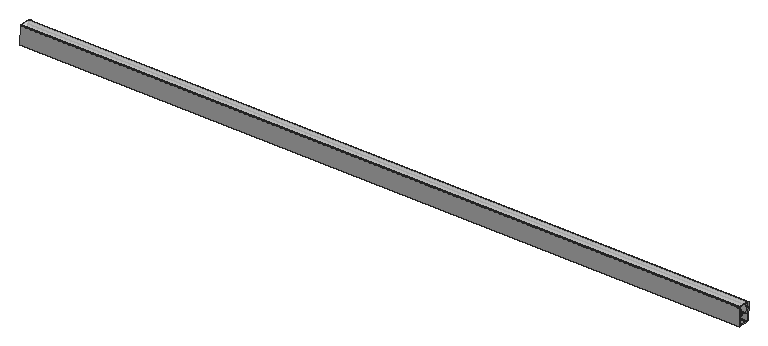
Revit family "2093120 Sylvania Lighting Fixture MC2 3-6M 4K DALIEM WHT OPAL Surface", category Lighting Fixtures, host Face, Revit 2016
Family settings
  Host = Face
  Part Type = Normal
  Round Connector Dimension = Use Diameter
  OmniClass Number = 23.80.70.11.17
  OmniClass Title = Specialized Lighting by Location or Use
  Cut with Voids When Loaded = No
  Light Source = Yes
  Shared = No
  Room Calculation Point = No
Parameters (values of type "2093120 MC2 3.6M 4K DALIEM WHT OPAL Surface Emergency mode")
  Width_SYL = 54.0 mm
  Weight = "7.8 kg"
  Wattage = 66 W
  WarrantyStartDate [instance] = "n/a"
  WarrantyGuarantorParts = "n/a"
  WarrantyDurationUnit = "n/a"
  WarrantyDurationParts = "n/a"
  WarrantyDescription = "n/a"
  built-in parameter 1150110 = 1 (stored number, unit not read)
  Voltage = 0 V
  URL = "http://www.sylvania-lighting.com"
  TypeName = "MC2 3.6M 4K DALIEM WHT OPAL Surface Emergency mode"
  built-in parameter 1114217 = 1 (stored number, unit not read)
  Tilt Angle = -90.00°
  built-in parameter 1150109 = 1 (stored number, unit not read)
  built-in parameter 1150134 = 12
  built-in parameter 1150113 = 1 (stored number, unit not read)
  SerialNumber [instance] = "n/a"
  PowerFactor = 0.98
  PowerConsumption = "66 W"
  NominalWidth = 0.0 mm
  NominalLength = 3600.0 mm
  NominalHeight = 86.0 mm
  Name = "MC2 3.6M 4K DALIEM WHT OPAL Surface Emergency mode"
  ModelReference = "MC2 3.6M 4K DALIEM WHT OPAL Surface Emergency mode"
  ModelNumber = "2093120"
  Material_3_SYL = Metal_Sylvania_Mini Contiuum II_Silver
  Photometric Web File = "2093120EM.ies"
  Material_4_SYL = Metal_Sylvania_Mini Contiuum II_Silver
  Material = "aluminium housing, polycarbonate diffuser"
  ManufacturerName = "Feilo Sylvania"
  LuminousEfficacy = "1.833 lm/W"
  LuminaireType = ""
  LightOutputRatio = "100"
  Length_SYL = 3600.0 mm
  LampsType = Lamp  # "LED"
  LampNominalLuminous = "121 lm"
  LampMacAdamStep = "3"
  LampColourTemperature = "4000 K"
  LampColourRenderingIndex = "80"
  Keynote = "16500"
  InstallationDate [instance] = "n/a"
  InputVoltage = "n/a"
  InputNominalFrequency = "n/a"
  IngressProtection = "IP20"
  ImpactProtectionIndex = "n/a"
  IfcExportType = "IfcLightFixtureType"
  IfcExportAs = "IfcLightFixtureType"
  Height_SYL = 86.0 mm
  ExpectedLife = 50000
  EndCapRight_SYL [instance] = no
  EndCapLeft_SYL [instance] = no
  Emit from Rectangle Width = Width_SYL - 2.0 mm  # 52.0 mm
  Emit from Rectangle Length = Length_SYL  # 3600.0 mm
  Emit Shape Visible in Rendering = no
  ElectricShockClassification = "Class I"
  DurationUnit = "hours"
  DocumentationLiterature = "http://www.sylvania-lighting.com/product/en-int/products/2093120"
  DimmingControlOptions = "n/a"
  CreatedOn = "10/15/2018"
  CreatedBy = "@sylvania-lighting.com"
  built-in parameter 1114216 [instance] = 1 (stored number, unit not read)
  Model = "MC2 3.6M 4K DALIEM WHT OPAL Surface Emergency mode"
  Manufacturer = "Feilo Sylvania"
  built-in parameter 1150105 = 9.6289 (stored number, unit not read)
  Lumens = 121 lm
  built-in parameter 1150115 = 1 (stored number, unit not read)
  built-in parameter 1150137 = (empty or 0)
  built-in parameter 1150139 = (empty or 0)
  built-in parameter 1150112 = 1 (stored number, unit not read)
  built-in parameter 1150114 = 1 (stored number, unit not read)
  Lamp = "LED"
  built-in parameter 1150132 = 2
  built-in parameter 1150102 = (empty or 0)
  built-in parameter 1150107 = 4000 (stored number, unit not read)
  built-in parameter 1150138 = (empty or 0)
  built-in parameter 1150106 = 0.096289 (stored number, unit not read)
  Material_1_SYL = Metal_Sylvania_Mini Continuum II_White
  built-in parameter 1150104 = 0.17032 (stored number, unit not read)
  Dimming Lamp Color Temperature Shift = <None>
  Material_2_SYL = Polycarbonate_Sylvania_Mini Continuum II_Opal_4000K
  Description = "2093120   MC2 3.6M 4K DALIEM WHT OPAL  Continuous lines of LED light, white RAL 9016, direct distribution, trimless detail for a seamless finish, suitable for recessed, semi-recessed, surface-mounted or suspended installation either horizontally or vertically, various accessories available, compact and minimalist design based on the Golden Mean, ideal for offices, meeting rooms, corridors, education facilities, museums and libraries, extruded aluminium body, diffuser: opal, colour temperature: 4000K neutral white, total system power: 66W, total fixture output: 6621lm, luminaire efficacy: 100lm/W, LOR: 100%, colour rendering: Ra >80, LED Chromacity: 1 step MacAdam ellipse, lifetime: 60,000 hours at 90% of the original output (L90), energy class: A++, A+, A, IR/UV free light source without heat radiation, operating voltage: 220-240V / 50-60Hz, drive current: 800mA, electronic driver, DALI dimmable, integral emergency: 3 hour maintained, electrical protection: CLASS I, IP20, suitable for internal environment only."
  Default Elevation = 0.0 mm
  Color Filter = 16777215
  built-in parameter 1140040 [instance] = 1
  BarCode [instance] = "n/a"
  built-in parameter 1114218 = 1 (stored number, unit not read)
  built-in parameter 1150133 = 10 (stored number, unit not read)
  AssetType = "Fixed"
  AssetIdentifier [instance] = "n/a"
  Assembly Code = "D5020200"
  Apparent Load = 66 VA
Types (2, lengths in mm): name | TypeName | Name | ModelReference | Photometric Web File | LuminousEfficacy | LampNominalLuminous | Model | built-in parameter 1150105 | Lumens | built-in parameter 1150106 | built-in parameter 1150104
  2093120 MC2 3.6M 4K DALIEM WHT OPAL Surface Emergency mode | "MC2 3.6M 4K DALIEM WHT OPAL Surface Emergency mode" | "MC2 3.6M 4K DALIEM WHT OPAL Surface Emergency mode" | "MC2 3.6M 4K DALIEM WHT OPAL Surface Emergency mode" | "2093120EM.ies" | "1.833 lm/W" | "121 lm" | "MC2 3.6M 4K DALIEM WHT OPAL Surface Emergency mode" | 9.6289 (stored number, unit not read) | 121 lm | 0.096289 (stored number, unit not read) | 0.17032 (stored number, unit not read)
  2093120 MC2 3.6M 4K DALIEM WHT OPAL Surface | "MC2 3.6M 4K DALIEM WHT OPAL Surface" | "MC2 3.6M 4K DALIEM WHT OPAL Surface" | "MC2 3.6M 4K DALIEM WHT OPAL Surface" | "2093120.ies" | "106 lm/W" | "7020 lm" | "MC2 3.6M 4K DALIEM WHT OPAL Surface" | 556.72 (stored number, unit not read) | 6996 lm | 5.5672 (stored number, unit not read) | 9.8477 (stored number, unit not read)
Reference planes
  plane 1 "Center (Front/Back)": y = 0
  plane 2 "Bottom Fixtures": z = 0
  plane 3 "Center (Left/Right)": x = 0
  plane 4 "Fixture Left": x = -1800
  plane 5 "Fixture Right": x = 1800
  plane 6 "Fixture Bottom": z = 86
  plane 7: z = 84
  plane 8: z = 82
  plane 9: z = 72.951
  plane 10: z = 42.951
  plane 11 "Fixture Top": z = 0
  plane 12 "Mounting Right": x = 1772
  plane 13 "Mounting Left": x = -1772
  plane 14: y = 27
  plane 15: y = -27
  plane 16: y = -26
  plane 17: y = -25
  plane 18: y = 26
  plane 19: y = 25
  plane 20: y = 11
  plane 21: y = -11
  plane 22: y = 24
  plane 23: y = 22
  plane 24: y = -22
  plane 25: y = 15
  plane 26: y = -15
  plane 27 "Upper Diffuser Left": x = -1650
  plane 28 "Upper Diffuser Right": x = 1650
  plane 29: x = -1802
  plane 30: x = 1802
Forms (mm)
  Extrusion 1, solid, material "Metal_Sylvania_Mini Continuum II_White" <- "Material_1_SYL", detail levels fine
    sketch origin (0, 0, 520) x (0, 1, 0) y (0, 0, 1)
      loop
        line (27, -434) -> (26, -434) -> (26, -436) -> (25, -436) -> (25, -518) -> (13, -518) -> (13, -516) -> (-13, -516) -> (-13, -518) -> (-25, -518) -> (-25, -436) -> (-26, -436) -> (-26, -434) -> (-27, -434) -> (-27, -520) -> (-11, -520) -> (-11, -518) -> (11, -518) -> (11, -520) -> (27, -520) -> (27, -434)
    from -1800 to 1800
  Extrusion 2, solid, material "Polycarbonate_Sylvania_Mini Continuum II_Opal_4000K" <- "Material_2_SYL", detail levels fine
    sketch origin (0, 0, 520) x (0, 1, 0) y (0, 0, 1)
      loop
        line (-26, -434) -> (-26, -436) -> (26, -436) -> (26, -434) -> (-26, -434)
    from -1800 to 1800
  Extrusion 3, solid, material "Metal_Sylvania_Mini Contiuum II_Silver" <- "Material_3_SYL", detail levels fine
    sketch origin (0, 0, 520) x (0, 1, 0) y (0, 0, 1)
      loop
        line (22, -447.049) -> (20.973, -447.049) -> (14.206, -476.049) -> (11, -476.049) -> (11, -477.049) -> (15, -477.049) -> (22, -447.049)
      loop
        line (-15, -477.049) -> (-11, -477.049) -> (-11, -476.049) -> (-14.206, -476.049) -> (-20.973, -447.049) -> (-22, -447.049) -> (-15, -477.049)
    from -1800 to 1800
  Extrusion 4, solid, material "Metal_Sylvania_Mini Continuum II_White" <- "Material_1_SYL", detail levels coarse+medium
    sketch origin (0, 0, 520) x (0, 1, 0) y (0, 0, 1)
      loop
        line (-27, -434) -> (-27, -520) -> (27, -520) -> (27, -434) -> (-27, -434)
    from -1800 to 1800
  Extrusion 5, solid, material "Metal_Sylvania_Mini Continuum II_White" <- "Material_1_SYL", visible <- "EndCapLeft_SYL"
    sketch origin (-1800, 171.684, 1219.2) x (0, 1, 0) y (0, 0, 1)
      loop
        line (-198.684, -1219.2) -> (-144.684, -1219.2) -> (-144.684, -1133.2) -> (-198.684, -1133.2) -> (-198.684, -1219.2)
    from 0 to -2
  Extrusion 6, solid, material "Metal_Sylvania_Mini Continuum II_White" <- "Material_1_SYL", visible <- "EndCapRight_SYL"
    sketch origin (1800, 171.684, 1219.2) x (0, 1, 0) y (0, 0, -1)
      loop
        line (-144.684, 1133.2) -> (-144.684, 1219.2) -> (-198.684, 1219.2) -> (-198.684, 1133.2) -> (-144.684, 1133.2)
    from 0 to -2
Lines and regions (mm)
  Masking region 1
    outline origin (0, 0, -86) x (-1, 0, 0) y (0, -1, 0)
      loop
        line (1800, -27) -> (1800, 27) -> (-1800, 27) -> (-1800, -27) -> (1800, -27)
  symbolic lines, detail levels fine
    curve 1: line (-1800, 26, -86) -> (1800, 26, -86)
    curve 2: line (-1800, -26, -86) -> (1800, -26, -86)
Dimensions and locks
  host sketch curve to plane 3 "Center (Left/Right)" to host sketch curve = 820.0 mm, 775.047 mm
  equal spacing: plane 4 "Fixture Left", plane 3 "Center (Left/Right)", plane 5 "Fixture Right"
  "Length_SYL": plane 4 "Fixture Left" to plane 5 "Fixture Right"
  plane 6 "Fixture Bottom" to plane 7 to plane 8 to plane 9 to plane 10 = 2.0 mm locked, 2.0 mm locked, 9.049 mm locked, 30.0 mm locked
  locked: Extrusion 1 sketch curve to Extrusion 1 sketch curve at 2
  locked: Extrusion 1 sketch curve to plane 11 "Fixture Top" at 2
  "Height_SYL": plane 6 "Fixture Bottom" to plane 11 "Fixture Top"
  locked: plane 12 "Mounting Right" to plane 5 "Fixture Right" at 28
  locked: plane 4 "Fixture Left" to plane 13 "Mounting Left" at 28
  plane 6 "Fixture Bottom" to plane 2 "Bottom Fixtures" = 86.0 mm
  equal spacing: plane 14, plane 1 "Center (Front/Back)", plane 15
  "Width_SYL": plane 14 to plane 15
  plane 21 to plane 26 to plane 24 to plane 17 to plane 16 to plane 15 = 4.0 mm locked, 7.0 mm locked, 3.0 mm locked, 1.0 mm locked, 1.0 mm locked
  plane 14 to plane 18 to plane 19 to plane 22 to plane 23 to plane 25 to plane 20 = 1.0 mm locked, 1.0 mm locked, 1.0 mm locked, 2.0 mm locked, 7.0 mm locked, 4.0 mm locked
  locked: plane 4 "Fixture Left" to plane 27 "Upper Diffuser Left" at 150
  locked: plane 28 "Upper Diffuser Right" to plane 5 "Fixture Right" at 150
  equal spacing: plane 29, plane 3 "Center (Left/Right)", plane 30
  locked: plane 29 to plane 4 "Fixture Left" at 2
  aligned and locked: plane 2 "Bottom Fixtures" to host face
  aligned and locked: level to host face
  aligned and locked: plane 5 "Fixture Right" to curve 1
  aligned and locked: plane 4 "Fixture Left" to curve 1
  aligned and locked: plane 4 "Fixture Left" to curve 2
  aligned and locked: plane 5 "Fixture Right" to curve 2
  aligned and locked: Extrusion 1 sketch curve to plane 7
  aligned and locked: plane 6 "Fixture Bottom" to Extrusion 1 sketch curve  (x2)
  aligned and locked: plane 7 to Extrusion 1 sketch curve
  aligned and locked: Extrusion 1 to Extrusion 2 sketch curve
  aligned and locked: Extrusion 2 sketch curve to Extrusion 1  (x3)
  aligned and locked: Extrusion 3 sketch curve to plane 10
  aligned and locked: plane 9 to Extrusion 3 sketch curve
  aligned and locked: Extrusion 3 sketch curve to plane 9
  aligned and locked: Extrusion 4 sketch curve to plane 6 "Fixture Bottom"
  aligned and locked: Extrusion 4 to plane 4 "Fixture Left"
  aligned and locked: Extrusion 2 to plane 4 "Fixture Left"
  aligned and locked: Extrusion 3 to plane 4 "Fixture Left"
  aligned and locked: Extrusion 1 to plane 4 "Fixture Left"
  aligned and locked: Extrusion 4 to plane 5 "Fixture Right"
  aligned and locked: Extrusion 2 to plane 5 "Fixture Right"
  aligned and locked: Extrusion 3 to plane 5 "Fixture Right"
  aligned and locked: Extrusion 1 to plane 5 "Fixture Right"
  aligned and locked: plane 11 "Fixture Top" to Extrusion 4 sketch curve
  aligned and locked: Extrusion 1 sketch curve to plane 11 "Fixture Top"  (x2)
  aligned and locked: Extrusion 1 sketch curve to Extrusion 1 sketch curve
  aligned and locked: plane 6 "Fixture Bottom" to imposter light
  aligned and locked: plane 20 to Extrusion 3 sketch curve
  aligned and locked: Extrusion 3 sketch curve to plane 21
  aligned and locked: Extrusion 5 sketch curve to Extrusion 4  (x4)
  aligned and locked: Extrusion 5 to plane 29
  aligned and locked: plane 4 "Fixture Left" to Extrusion 5
  aligned and locked: Extrusion 6 sketch curve to Extrusion 4  (x4)
  aligned and locked: plane 30 to Extrusion 6
  aligned and locked: plane 5 "Fixture Right" to Extrusion 6
Automatic sketch dimensions
  host sketch curve to host sketch curve = 1047.463 mm
  plane 18 to curve 1 = 0.0 mm
  curve 2 to plane 16 = 0.0 mm
  Masking region 1 sketch curve to plane 5 "Fixture Right" = 0.0 mm
  Masking region 1 sketch curve to plane 4 "Fixture Left" = 0.0 mm
  plane 14 to Masking region 1 sketch curve = 0.0 mm
  Masking region 1 sketch curve to plane 15 = 0.0 mm
  Extrusion 1 sketch curve to plane 15 = 0.0 mm
  Extrusion 1 sketch curve to plane 16 = 0.0 mm
  Extrusion 1 sketch curve to plane 17 = 0.0 mm
  Extrusion 1 sketch curve to plane 21 = 0.0 mm
  Extrusion 1 sketch curve to plane 20 = 0.0 mm
  Extrusion 1 sketch curve to plane 19 = 0.0 mm
  Extrusion 1 sketch curve to plane 18 = 0.0 mm
  Extrusion 1 sketch curve to plane 14 = 0.0 mm
  plane 11 "Fixture Top" to Extrusion 1 sketch curve = 2.0 mm
  Extrusion 1 sketch curve to plane 21 = 2.0 mm
  Extrusion 1 sketch curve to plane 20 = 2.0 mm
  Extrusion 3 sketch curve to plane 24 = 0.0 mm
  Extrusion 3 sketch curve to plane 26 = 0.0 mm
  Extrusion 3 sketch curve to plane 25 = 0.0 mm
  Extrusion 3 sketch curve to plane 23 = 0.0 mm
  plane 10 to Extrusion 3 sketch curve = 1.0 mm
  Extrusion 3 sketch curve to Extrusion 3 sketch curve = 1.027 mm
  plane 26 to Extrusion 3 sketch curve = 0.794 mm
  plane 25 to Extrusion 3 sketch curve = 0.794 mm
  plane 23 to Extrusion 3 sketch curve = 1.027 mm
  Extrusion 4 sketch curve to plane 15 = 0.0 mm
  Extrusion 4 sketch curve to plane 14 = 0.0 mm
  Extrusion 3 sketch curve to Extrusion 3 sketch curve = 0.0 mm
  Extrusion 3 sketch curve to plane 10 = 0.0 mm
Connectors
  electrical at (1800, 0, 35), driven by "Apparent Load"
    settings: on Extrusion 1, index 1, voltage 230 V, apparent load 0 VA, apparent load phase1 66 VA, apparent load phase2 0 VA, apparent load phase3 0 VA, power factor 1, load classification "Lighting", number of poles 1, system type 31, power factor state 1, is connector primary yes, connector utility no, sub classification motor no, connector description ""
